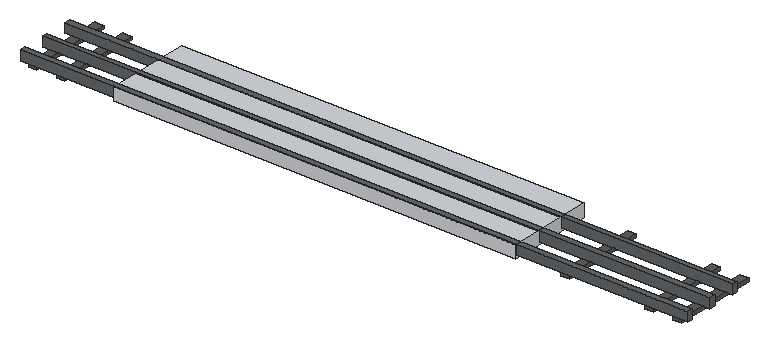
Revit family "1112-3, Solid", category Generic Models, host Face, Revit 2020
Family settings
  Host = Face
  Can host rebar = No
  Round Connector Dimension = Use Diameter
  Part Type = Normal
  Cut with Voids When Loaded = No
  Shared = No
  Room Calculation Point = No
Parameters
  min_value [instance] = 1' - 11 1/4"  # constant formula
  max_value [instance] = 11' - 11 1/4"  # constant formula
  actual_value [instance] = if(NET LENGTH < min_value, min_value, if(NET LENGTH > max_value, max_value, NET LENGTH))  # 7' - 11 1/4"
  SCRIM MATERIAL [instance] = SCRIM
  SCRIM [instance] = yes
  NET LENGTH [instance] = 7' - 11 1/4"
  Default Elevation = 4' - 0"
  BACKER MATERIAL [instance] = BLACK-BACKERS
  .. MEMBER WIDTH [instance] = 0' - 0 3/4"  # constant formula
  .. MEMBER MATERIAL [instance] = Solid Western Hemlock
  .. MEMBER LENGTH [instance] = actual_value  # 7' - 11 1/4"
  .. MEMBER DEPTH [instance] = 0' - 1 3/8"  # constant formula
  .. MEMBER COUNT [instance] = 3  # constant formula
  IMPORTANT NOTE!!!                                                                             *Backer layout is for visualization purposes only, final layout to be determined by 9Wood. [instance] = ""
Reference planes (in)
  plane 1 "Center (Front/Back)": y = 0
  plane 2: z = 1.82209
  plane 3 "Center (Left/Right)": x = 0
Forms (in)
  Extrusion 1, solid
    sketch origin (132, -33.80483, 0) x (1, 0, 0) y (0, 1, 0)
      loop
        line (-118.625, 33.80483) -> (-61.26146, 33.80483) -> (-61.26146, 45.86733) -> (-118.625, 45.86733) -> (-118.625, 33.80483)
    from 1.82209 to 0
Dimensions and locks (in)
  aligned and locked: Extrusion 1 to plane 2
  aligned and locked: plane 3 "Center (Left/Right)" to nested 1
Nested families (in)
  nested 1: "1100 SERIES CONFIG" at (0, 2, 0), .. MEMBER DEPTH <- ".. MEMBER DEPTH", .. MEMBER LENGTH <- ".. MEMBER LENGTH", .. MEMBER WIDTH <- ".. MEMBER WIDTH", .. MEMBER MATERIAL <- ".. MEMBER MATERIAL", BACKING M MATERIAL <- "BACKER MATERIAL", SCRIM  MATERIAL <- "SCRIM MATERIAL", .. MEMBER COUNT <- ".. MEMBER COUNT", SCRIM <- "SCRIM", type "1100 SERIES CONFIG"
    with X 7' - 8", SCRIM OVERHANG 2 0' - 0 3/32", SCRIM OVERHANG 0' - 0 7/8", SCRIM LENGTH 8' - 1", SCRIM  MATERIAL SCRIM, SCRIM yes, NOMINAL LENGTH 7, N 8, Inset 6' - 0 3/8", INSET 0' - 1", INDEX 0' - 5 5/8", HALF MEMBER WIDTH 0' - 0 3/8", HALF LENGTH 3' - 11 5/8", END BACKER yes, BACKING M WIDTH 0' - 1 1/4", BACKING M OC SPACING 1' - 0", BACKING M MATERIAL BLACK-BACKERS, BACKING M LENGTH 0' - 11 7/8", BACKING M DEPTH 0' - 0 1/2", BACKING M COUNT 8, 3/16" INSET 0' - 0 3/16", .. MEMBER WIDTH 0' - 0 3/4", .. MEMBER OC SPACING 0' - 4", .. MEMBER MATERIAL Solid Western Hemlock, .. MEMBER LENGTH 7' - 11 1/4", .. MEMBER DEPTH 0' - 1 3/8", .. MEMBER COUNT 3
Definition of nested family "1100 SERIES CONFIG"
  Parameters (values of type "1100 SERIES CONFIG")
    X [instance] = .. MEMBER LENGTH - 0' 3 1/4"  # 3' - 2"
    SCRIM OVERHANG 2 [instance] = 0' - 0 3/32"  # constant formula
    SCRIM OVERHANG [instance] = 0' - 0 7/8"  # constant formula
    SCRIM LENGTH [instance] = .. MEMBER LENGTH + (SCRIM OVERHANG * 2)  # 3' - 7"
    SCRIM  MATERIAL [instance] = none
    SCRIM [instance] = yes
    NOMINAL LENGTH [instance] = 7
    N [instance] = if((X - (rounddown(X / 1' 0") * 1' 0")) > 1' 0", rounddown(X / 1' 0") + 2, rounddown(X / 1' 0") + 1)  # 4
    Inset [instance] = 6' - 0 3/8"  # constant formula
    INSET [instance] = 0' - 1"  # constant formula
    INDEX [instance] = (.. MEMBER LENGTH - ((N - 1) * 1' 0")) / 2  # 0' - 2 5/8"
    HALF MEMBER WIDTH [instance] = .. MEMBER WIDTH / 2  # 0' - 0 5/16"
    HALF LENGTH [instance] = .. MEMBER LENGTH / 2  # 1' - 8 5/8"
    END BACKER [instance] = INDEX > 0' 3 5/8"  # no
    Default Elevation = 0' - 0"
    BACKING M WIDTH [instance] = 0' - 1 1/4"
    BACKING M SPACING = 3' - 3"
    BACKING M MATERIAL [instance] = none
    BACKING M LENGTH [instance] = 0' - 11 7/8"
    BACKING M DEPTH [instance] = 0' - 0 1/2"
    BACKING M COUNT [instance] = N  # 4
    BACKING M OC SPACING [instance] = 1' - 0"  # constant formula
    3/16" INSET [instance] = 0' - 0 3/16"  # constant formula
    .. MEMBER WIDTH [instance] = 0' - 0 5/8"
    .. MEMBER OC SPACING [instance] = 1' 0" / .. MEMBER COUNT  # 0' - 4"
    .. MEMBER MATERIAL [instance] = none
    .. MEMBER LENGTH [instance] = 3' - 5 1/4"
    .. MEMBER DEPTH [instance] = 0' - 1 3/8"
    .. MEMBER COUNT [instance] = 3
  Reference planes (in)
    plane 1 "Center (Front/Back)": y = -2
    plane 2: z = 0
    plane 3 "Center (Left/Right)": x = 0
    plane 4: x = 1
    plane 5: x = 2.625
    plane 6: x = 20.625
    plane 7: x = 41.25
    plane 8: x = 40.25
    plane 9: x = 14.625
    plane 10: y = -1.8125
    plane 11: y = -1.6875
    plane 12: y = 2.3125
    plane 13: x = 42.125
    plane 14: x = -0.875
    plane 15: z = 0.5
    plane 16: y = 10.0625
    plane 17: y = 10.15625
    plane 18: y = -2.09375
  Dimensions and locks (in)
    "INSET": plane 3 "Center (Left/Right)" to plane 4
    "INDEX": plane 3 "Center (Left/Right)" to plane 5
    "HALF LENGTH": plane 3 "Center (Left/Right)" to plane 6
    ".. MEMBER LENGTH": plane 3 "Center (Left/Right)" to plane 7
    "INSET": plane 8 to plane 7
    equal spacing: group 2, group 3, group 6, group 7  (x3)
    "3/16" INSET": plane 1 "Center (Front/Back)" to plane 10
    ".. MEMBER OC SPACING": plane 12 to plane 11
    "SCRIM OVERHANG": plane 14 to plane 3 "Center (Left/Right)"
    "SCRIM OVERHANG": plane 7 to plane 13
    equal spacing: group 5, group 4, group 1  (x2)
    equal spacing: group 1, group 4, group 5
    "HALF MEMBER WIDTH": plane 1 "Center (Front/Back)" to plane 11
    "BACKING M OC SPACING": plane 5 to plane 9
    "SCRIM OVERHANG 2": plane 17 to plane 16
    "SCRIM OVERHANG 2": plane 18 to plane 1 "Center (Front/Back)"
    aligned and locked: level to plane 2
    aligned and locked: plane 6 to nested 1
    aligned and locked: nested 2 to plane 4
    aligned and locked: plane 5 to nested 3
    aligned and locked: plane 1 "Center (Front/Back)" to nested 1
    aligned and locked: nested 2 to plane 10
    aligned and locked: nested 3 to plane 10
    aligned and locked: nested 5 to plane 10
    aligned and locked: nested 4 to plane 10
    aligned and locked: plane 12 to nested 6
    aligned and locked: nested 6 to plane 3 "Center (Left/Right)"
    aligned and locked: plane 9 to nested 5
    aligned and locked: plane 8 to nested 4
    aligned and locked: plane 15 to nested 2
    aligned and locked: nested 7 to plane 15
    aligned and locked: nested 6 to plane 15
  Nested families (in)
    nested 1: "INSTANCE - Parametric Cube" at (20.625, -1.6875, 1.875), Length <- ".. MEMBER WIDTH", Height <- ".. MEMBER DEPTH", Width <- ".. MEMBER LENGTH", Material <- ".. MEMBER MATERIAL", type "INSTANCE - Parametric Cube"
      with Width 3' - 5 1/4", Material none, Length 0' - 0 5/8", Height 0' - 1 3/8"
    nested 2: "2ND INSTANCE - Parametric Cube" at (1.625, 4.125, 0), Height <- "BACKING M DEPTH", Length <- "BACKING M LENGTH", Width <- "BACKING M WIDTH", Material <- "BACKING M MATERIAL", visible <- "END BACKER", type "2ND INSTANCE - Parametric Cube"
      with Width 0' - 1 1/4", Material none, Length 0' - 11 7/8", Height 0' - 0 1/2"
    nested 3: "2ND INSTANCE - Parametric Cube" at (2.625, 4.125, 0), Length <- "BACKING M LENGTH", Height <- "BACKING M DEPTH", Width <- "BACKING M WIDTH", Material <- "BACKING M MATERIAL", type "2ND INSTANCE - Parametric Cube"
      with Width 0' - 1 1/4", Material none, Length 0' - 11 7/8", Height 0' - 0 1/2"
    nested 4: "2ND INSTANCE - Parametric Cube" at (39.625, 4.125, 0), Width <- "BACKING M WIDTH", Length <- "BACKING M LENGTH", Height <- "BACKING M DEPTH", Material <- "BACKING M MATERIAL", visible <- "END BACKER", type "2ND INSTANCE - Parametric Cube"
      with Width 0' - 1 1/4", Material none, Length 0' - 11 7/8", Height 0' - 0 1/2"
    nested 5: "2ND INSTANCE - Parametric Cube" at (14.625, 4.125, 0), Length <- "BACKING M LENGTH", Height <- "BACKING M DEPTH", Width <- "BACKING M WIDTH", Material <- "BACKING M MATERIAL", type "2ND INSTANCE - Parametric Cube"
      with Width 0' - 1 1/4", Material none, Length 0' - 11 7/8", Height 0' - 0 1/2"
    nested 6: "INSTANCE - Parametric Cube" at (20.625, 2.3125, 1.875), Length <- ".. MEMBER WIDTH", Height <- ".. MEMBER DEPTH", Width <- ".. MEMBER LENGTH", Material <- ".. MEMBER MATERIAL", type "INSTANCE - Parametric Cube"
      with Width 3' - 5 1/4", Material none, Length 0' - 0 5/8", Height 0' - 1 3/8"
    nested 7: "INSTANCE - Parametric Cube" at (20.625, 6.3125, 1.875), Length <- ".. MEMBER WIDTH", Height <- ".. MEMBER DEPTH", Width <- ".. MEMBER LENGTH", Material <- ".. MEMBER MATERIAL", type "INSTANCE - Parametric Cube"
      with Width 3' - 5 1/4", Material none, Length 0' - 0 5/8", Height 0' - 1 3/8"
    nested 8: "2ND INSTANCE - Parametric Cube" at (26.625, 4.125, 0), Length <- "BACKING M LENGTH", Height <- "BACKING M DEPTH", Width <- "BACKING M WIDTH", Material <- "BACKING M MATERIAL", type "2ND INSTANCE - Parametric Cube"
      with Width 0' - 1 1/4", Material none, Length 0' - 11 7/8", Height 0' - 0 1/2"
    nested 9: "2ND INSTANCE - Parametric Cube" at (38.625, 4.125, 0), Length <- "BACKING M LENGTH", Height <- "BACKING M DEPTH", Width <- "BACKING M WIDTH", Material <- "BACKING M MATERIAL", type "2ND INSTANCE - Parametric Cube"
      with Width 0' - 1 1/4", Material none, Length 0' - 11 7/8", Height 0' - 0 1/2"
  Definition of nested family "INSTANCE - Parametric Cube"
    Parameters (values of type "INSTANCE - Parametric Cube")
      Width [instance] = 0' - 6"
      Material [instance] = none
      Length [instance] = 1' - 0"
      Height [instance] = 1' - 6"
      Default Elevation = 0' - 0"
    Reference planes (in)
      plane 1 "Center (Front/Back)": y = 0
      plane 2: z = 0
      plane 3 "Center (Left/Right)": x = 0
      plane 4: x = -3
      plane 5: x = 3
      plane 6: y = 6
      plane 7: y = -6
      plane 8: z = -18
    Forms (in)
      Extrusion 1, solid, material <- "Material"
        sketch origin (0, 0, 0) x (1, 0, 0) y (0, 1, 0)
          loop
            line (-3, 6) -> (-3, -6) -> (3, -6) -> (3, 6) -> (-3, 6)
        from -18 to 0
    Dimensions and locks (in)
      equal spacing: plane 4, plane 3 "Center (Left/Right)", plane 5
      equal spacing: plane 6, plane 1 "Center (Front/Back)", plane 7
      "Length": plane 6 to plane 7
      "Width": plane 4 to plane 5
      "Height": plane 8 to level
      aligned and locked: plane 2 to level
      aligned and locked: Extrusion 1 sketch curve to plane 6
      aligned and locked: plane 4 to Extrusion 1 sketch curve
      aligned and locked: plane 7 to Extrusion 1 sketch curve
      aligned and locked: Extrusion 1 sketch curve to plane 5
      aligned and locked: Extrusion 1 to plane 8
  Definition of nested family "2ND INSTANCE - Parametric Cube"
    Parameters (values of type "2ND INSTANCE - Parametric Cube")
      Width [instance] = 0' - 6"
      Material [instance] = none
      Length [instance] = 1' - 0"
      Height [instance] = 1' - 6"
      Default Elevation = 0' - 0"
    Reference planes (in)
      plane 1 "Center (Front/Back)": y = 0
      plane 2: z = 0
      plane 3 "Center (Left/Right)": x = 0
      plane 4: x = -3
      plane 5: x = 3
      plane 6: y = 6
      plane 7: y = -6
      plane 8: z = 18
    Forms (in)
      Extrusion 1, solid, material <- "Material"
        sketch origin (0, 0, 0) x (1, 0, 0) y (0, 1, 0)
          loop
            line (-3, 6) -> (-3, -6) -> (3, -6) -> (3, 6) -> (-3, 6)
        from 0 to 18
    Dimensions and locks (in)
      equal spacing: plane 4, plane 3 "Center (Left/Right)", plane 5
      equal spacing: plane 6, plane 1 "Center (Front/Back)", plane 7
      "Length": plane 6 to plane 7
      "Width": plane 4 to plane 5
      "Height": level to plane 8
      aligned and locked: plane 2 to level
      aligned and locked: Extrusion 1 sketch curve to plane 6
      aligned and locked: plane 4 to Extrusion 1 sketch curve
      aligned and locked: plane 7 to Extrusion 1 sketch curve
      aligned and locked: Extrusion 1 sketch curve to plane 5
      aligned and locked: plane 8 to Extrusion 1
      aligned and locked: Extrusion 1 to level
